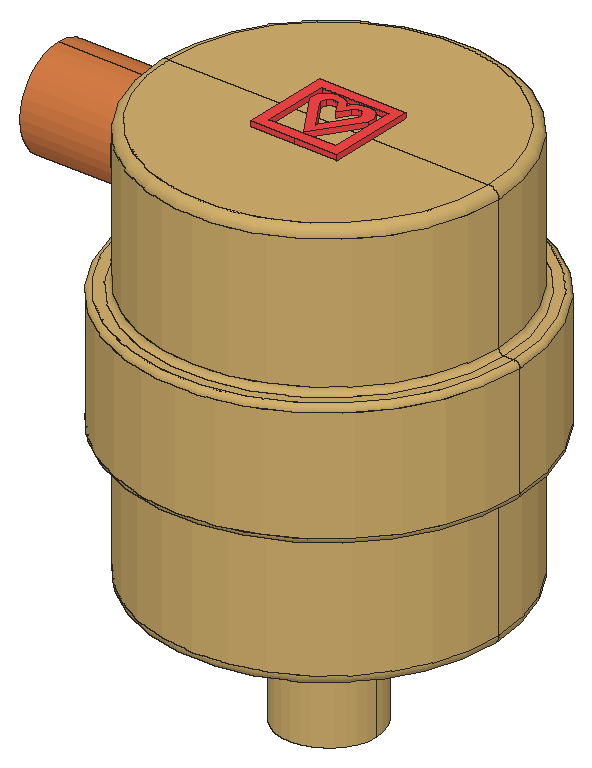
Revit family "Air Release Valve WE 2630 10", category Rohrzubehör, Revit 2021
Family settings
  Bemaßung runder Anschluss = Durchmesser verwenden
  Teiletyp = Normal
  OmniClass-Nummer = 23.65.55.14
  OmniClass-Titel = Valves for Liquid Services
  Arbeitsebenenbasiert = Nein
  Immer vertikal = Ja
  Beim Laden mit Abzugskörper schneiden = Nein
  Gemeinsam genutzt = Nein
Parameters
  Vorgabe-Ansicht = 0.000 mm
  Part number [instance] = if(Nennweite = 10.000 mm, 1263010, 0)  # 1263010
  Float ball = "polypropylene"  # constant formula
  SCRNSEQ = "AWI;AWI_TYP=\"1013\";1"
  SCRNCODE = "05;14;01"  # constant formula
  S03 = 24.500 mm  # constant formula
  S02 = 11.000 mm  # constant formula
  S01 = 56.000 mm  # constant formula
  min. Operating temperature = 0 °C  # constant formula
  max. Structual pressure = 1000000.0 Pa  # constant formula
  max. Operating temperature = 110 °C  # constant formula
  URL = "www.herzvalves.com"
  R02 = 0.600 mm  # constant formula
  R01 = 1.000 mm  # constant formula
  Nennweite [instance] = 10.000 mm  # constant formula
  Medium = "heating water quality according to ÖNORM H5195 or VDI-Standard 2035.\r\nthe use of ethylene or propylene glycol in a mixing ratio 25-50% is allowed.\r\nplease refer to manufacturers documentation when using ethylene glycol products for frost and corrosion protection.\r\nthe HERZ air vent is not suitable for usage of aggressive medium (such as: acids, alkalis, combustible and explosive gases..) because it can damage the sealing components."
  max. Operating pressure = 1000000.0 Pa  # constant formula
  L04 = L02 - L03  # 18.800 mm
  L03 = 9.500 mm  # constant formula
  L02 = 28.300 mm  # constant formula
  L01 = 4.000 mm  # constant formula
  Hersteller = "Herz-Armaturen GmbH"  # constant formula
  H08 = H00 - 1.000 mm  # 55.000 mm
  H07 = H00 - 7.500 mm  # 48.500 mm
  H06 = 2.500 mm  # constant formula
  H05 = 9.000 mm  # constant formula
  H04 = 14.500 mm  # constant formula
  H03 = 15.500 mm  # constant formula
  H02 = 13.000 mm  # constant formula
  H01 = 9.500 mm  # constant formula
  H00 = 56.000 mm  # constant formula
  Housing = "forged brass acc. to EN 12165, CW617N"  # constant formula
  G1 [instance] = Nennweite / 2  # 5.000 mm
  Sealing = "EPDM"  # constant formula
  Lid = "forged brass acc. to EN 12165, CW617N"  # constant formula
  D06 = 3.400 mm  # constant formula
  D05 = 5.100 mm  # constant formula
  D04 = 12.500 mm  # constant formula
  D03 = 11.000 mm  # constant formula
  D02 = 20.000 mm  # constant formula
  D01 = 17.800 mm  # constant formula
  External threaded connectors = "acc. to ISO 228"  # constant formula
  Field of application = "HERZ - Air vent is used for venting of the central heating installations.\r\nthe air vent should be placed nearby the boiler or at the highest points of installation.\r\ninstallations must be carried out in such a way that the retention of air bubbles in a certain part of installation is not possible.\r\nbefore usage, unscrew the polypropylene cover cap on the lid for 2 to 3 turns.\r\nin case of uncontrolled medium leakage, tighten the cover cap.\r\nthe air vent must be cleaned or replaced.\r\nwe always recommend to use backflow preventer for easy service and replacement of the air vent.\r\nthe air vents 1 2630 1X have a STOP function that prevents the entry of ambient air into the central heating installation."
  Cover cap = "ABS plastic, red colour"  # constant formula
Reference planes
  plane 1 "Mitte (Vorne/hinten)": y = 0
  plane 2: z = 0
  plane 3 "Mitte (Links/rechts)": x = 0
Forms (mm)
  Revolve 1, solid, material "Messing", detail levels fine
    sketch origin (0, 0, 0) x (1, 0, 0) y (0, 0, 1)
      loop
        line (0, 56) -> (-16.8, 56)
        arc (-16.8, 56) -> (-17.507, 55.707) -> (-17.8, 55) r 1
        line (-17.8, 55) -> (-17.8, 41.1)
        arc (-17.8, 41.1) -> (-17.976, 40.676) -> (-18.4, 40.5) r 0.6
        line (-18.4, 40.5) -> (-19.4, 40.5)
        arc (-19.4, 40.5) -> (-19.824, 40.324) -> (-20, 39.9) r 0.6
        line (-20, 39.9) -> (-20, 28.1)
        arc (-20, 28.1) -> (-19.824, 27.676) -> (-19.4, 27.5) r 0.6
        line (-19.4, 27.5) -> (-18.4, 27.5)
        arc (-18.4, 27.5) -> (-17.976, 27.324) -> (-17.8, 26.9) r 0.6
        line (-17.8, 26.9) -> (-17.8, 14)
        arc (-17.8, 14) -> (-17.507, 13.293) -> (-16.8, 13) r 1
        line (-16.8, 13) -> (-13.8, 13) -> (-9, 9.5) -> (-5, 9.5) -> (-5, 0) -> (0, 0) -> (0, 56)
      axis (0, 56) -> (0, 0)
    angle from 0 to 360
  Revolve 2, solid, material "Messing", detail levels fine
    sketch origin (0, 0, 0) x (1, 0, 0) y (0, 0, 1)
      loop
        line (0, 48.5) -> (0, 51.9) -> (-18.8, 51.9) -> (-18.8, 48.5) -> (0, 48.5)
      axis (-18.8, 48.5) -> (0, 48.5)
    angle from 0 to 360
  Revolve 3, solid, material "Kunststoff-Orange", detail levels fine
    sketch origin (0, 0, 0) x (1, 0, 0) y (0, 0, 1)
      loop
        line (-28.3, 48.5) -> (-18.8, 48.5) -> (-18.8, 53.6) -> (-28.3, 53.6) -> (-28.3, 48.5)
      axis (-28.3, 48.5) -> (-18.8, 48.5)
    angle from 0 to 360
Lines and regions (mm)
  model lines, detail levels coarse+medium
    curve 1: line (0, 0, 56) -> (-12.587, 0, 43.413)
    curve 2: line (0, 0, 56) -> (12.587, 0, 43.413)
    curve 3: circle (0, 0, 31.5) r 11 normal (0, -1, 0)
    curve 4: line (0, 0, 42.5) -> (0, 0, 56)
    curve 5: line (0, 0, 20.5) -> (0, 0, 0)
    curve 6: line (0, 0, 56) -> (0, -12.587, 43.413)
    curve 7: line (0, 0, 56) -> (0, 12.587, 43.413)
    curve 8: circle (0, 0, 31.5) r 11 normal (1, 0, 0)
    curve 9: line (0, 56, 0) -> (-12.587, 43.413, 0)
    curve 10: line (0, 56, 0) -> (12.587, 43.413, 0)
    curve 11: circle (0, 31.5, 0) r 11 normal (0, 0, 1)
    curve 12: line (0, 42.5, 0) -> (0, 56, 0)
    curve 13: line (0, 20.5, 0) -> (0, 0, 0)
Dimensions and locks
  "H02": Revolve 1 sketch curve to Revolve 1 sketch curve
  "H03": Revolve 1 sketch curve to Revolve 1 sketch curve
  "H04": Revolve 1 sketch curve to Revolve 1 sketch curve
  "L01": Revolve 1 sketch curve to Revolve 1 sketch curve  (x2)
  "D01": Revolve 1 sketch curve to Revolve 1 sketch curve  (x2)
  "D02": Revolve 1 sketch curve to Revolve 1 sketch curve
  "H07": Revolve 2 sketch curve to plane 2
  "D06": Revolve 2 sketch curve to Revolve 2 sketch curve
  "L02": plane 3 "Mitte (Links/rechts)" to Revolve 3 sketch curve
  "L03": Revolve 3 sketch curve to Revolve 3 sketch curve
  "D05": Revolve 3 sketch curve to Revolve 3 sketch curve
  "H07": Revolve 3 sketch curve to plane 2
  "L04": plane 3 "Mitte (Links/rechts)" to Revolve 2 sketch curve
  "H08": nested 1 to plane 2
  "G1": Revolve 1 sketch curve to Revolve 1 sketch curve
  "H00": Revolve 1 sketch curve to Revolve 1 sketch curve
  "H01": Revolve 1 sketch curve to Revolve 1 sketch curve
  "S01": curve 2 to plane 2
  "D01": curve 1 to curve 4
  "D01": curve 2 to curve 2
  "S03": curve 4 to curve 3
  "D01": curve 6 to curve 6
  "D01": curve 7 to curve 7
  "S03": curve 7 to curve 8
  "S01": curve 7 to plane 2
  "S01": plane 1 "Mitte (Vorne/hinten)" to curve 12
  "S03": curve 12 to curve 11
  "D01": curve 9 to curve 9
  "D01": curve 10 to curve 10
  "R01": radius of Revolve 1 sketch curve  (x2)
  "R02": radius of Revolve 1 sketch curve  (x4)
  "S02": radius of curve 3
  "S02": radius of curve 8
  "S02": radius of curve 11
  angle curve 1 to curve 4 = 45.00°
  angle curve 4 to curve 2 = 45.00°
  angle curve 6 to plane 1 "Mitte (Vorne/hinten)" = 45.00°
  angle plane 1 "Mitte (Vorne/hinten)" to curve 7 = 45.00°
  angle curve 9 to curve 12 = 45.00°
  angle curve 12 to curve 10 = 45.00°
  aligned and locked: level to plane 2
Automatic sketch dimensions
  curve 7 to plane 1 "Mitte (Vorne/hinten)" = 0.000 mm
  curve 8 to plane 1 "Mitte (Vorne/hinten)" = 0.000 mm
  curve 1 to plane 3 "Mitte (Links/rechts)" = 0.000 mm
  curve 5 to plane 3 "Mitte (Links/rechts)" = 0.000 mm
  curve 3 to plane 3 "Mitte (Links/rechts)" = 0.000 mm
  curve 5 to level = 0.000 mm
  curve 9 to plane 3 "Mitte (Links/rechts)" = 0.000 mm
  curve 13 to plane 3 "Mitte (Links/rechts)" = 0.000 mm
  curve 11 to plane 3 "Mitte (Links/rechts)" = 0.000 mm
  plane 1 "Mitte (Vorne/hinten)" to curve 13 = 0.000 mm
  Revolve 1 sketch curve to level = 0.000 mm
  Revolve 1 sketch curve to plane 3 "Mitte (Links/rechts)" = 0.000 mm
  plane 3 "Mitte (Links/rechts)" to Revolve 1 sketch curve = 0.000 mm
  Revolve 1 sketch curve to Revolve 1 sketch curve = 2000.000 mm
  Revolve 1 sketch curve to Revolve 1 sketch curve = 1932.500 mm
  Revolve 2 sketch curve to plane 3 "Mitte (Links/rechts)" = 0.000 mm  (x2)
  Revolve 2 sketch curve to Revolve 2 sketch curve = 0.000 mm  (x2)
  Revolve 3 sketch curve to Revolve 3 sketch curve = 0.000 mm  (x3)
Nested families
  nested 1: "Herz-Logo" at (0, 0, 55), type "Herz-Logo", detail levels fine
Connectors
  piping at (0, 0, 0), diameter 10, driven by "Nennweite"
    settings: on Revolve 1, index 1, connector inside diameter 609.6 mm, connector length 0.000 mm, flow factor 0, pipe flow 0.0 L/s, pressure drop 0.0 Pa, fitting loss kfactor 0, connector angle 0.00°, fixture units 0, engagement length 0.000 mm, angle of deflection 0.00°, flow configuration 0, flow direction 1, fitting loss method 0, system type 29, joint type 0, gender type 0, connector reference index -1, connector utility 0, adjustable connector no, is connector primary yes, connector description ""
Definition of nested family "Herz-Logo"
  Parameters (values of type "Herz-Logo")
    Default Elevation = 0.000 mm
  Reference planes
    plane 1 "Mitte (Vorne/hinten)": y = 0
    plane 2: z = 0
    plane 3 "Mitte (Links/rechts)": x = 0
  Forms (mm)
    Extrusion 1, solid
      sketch origin (0, 0, 0) x (1, 0, 0) y (0, 1, 0)
        loop
          line (-0.018, -4.517) -> (4.482, -4.517) -> (4.482, 4.483) -> (-4.518, 4.483) -> (-4.518, -4.517) -> (-0.018, -4.517)
        loop
          line (-0.05, -3.48) -> (3.482, -3.48) -> (3.482, 3.483) -> (-3.518, 3.483) -> (-3.518, -3.48) -> (-0.05, -3.48)
        loop
          arc (-0.018, 2.383) -> (-1.543, 3.287) -> (-3.067, 2.383) r 1.738
          arc (-3.067, 2.383) -> (-3.191, 1.899) -> (-3.067, 1.415) r 1.009
          line (-3.067, 1.415) -> (-0.018, -3.281) -> (3.032, 1.415)
          arc (3.032, 1.415) -> (3.156, 1.899) -> (3.032, 2.383) r 1.009
          arc (3.032, 2.383) -> (1.507, 3.287) -> (-0.018, 2.383) r 1.738
        loop
          arc (1.885, 1.272) -> (2.005, 1.675) -> (1.885, 2.079) r 0.74
          arc (1.885, 2.079) -> (1.265, 2.416) -> (0.644, 2.079) r 0.74
          line (0.644, 2.079) -> (-0.018, 0.97) -> (-0.679, 2.079)
          arc (-0.679, 2.079) -> (-1.3, 2.416) -> (-1.921, 2.079) r 0.74
          arc (-1.921, 2.079) -> (-2.04, 1.675) -> (-1.921, 1.272) r 0.74
          line (-1.921, 1.272) -> (-0.018, -1.658) -> (1.885, 1.272)
      from 0 to 1.5
  Dimensions and locks
    aligned and locked: level to plane 2
